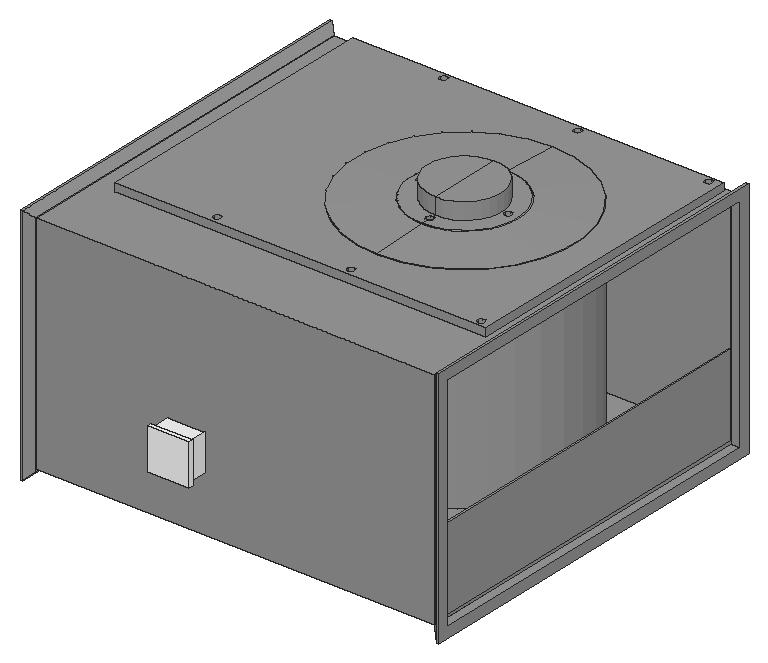
Revit family "RKB 800x500 E3 EC_7480107", category Mechanical Equipment, Revit 2014
Parameters (values of type "RKB 800X500 E3 EC")
  Wiring diagram = "4040147"
  Width = 913 mm
  Weight = 65.30 kg
  Voltage range = "380-480 V"
  Voltage = 400 V
  Speed = "1800 rpm"
  Sound pressure level at 3 m = "73 dB(A)"
  Power = 2570 W
  Phase = 3
  Max. temperature of transported air when speed controlled = 60 °C
  Max. temperature of transported air = 60 °C
  Main Material = Steel, Galvanized
  Height = 606 mm
  Frequency = 50 Hz
  Elevation [instance] = 2600 mm
  Description = "UNINSULATED DUCT FANS WITH RECTANGULAR CONNECTIONS"
  Depth = 843 mm
  Current = 3.92 A
  Connector Height = 500 mm
  Connector Width = 800 mm
  Capacitor = "- μF"
Reference planes
  plane 1 "Center (Front/Back)": y = 0
  plane 2: z = 0
  plane 3 "Center (Left/Right)": x = 0
  plane 4: x = -456.5
  plane 5: x = 456.5
  plane 6: y = 421.5
  plane 7: y = -421.5
  plane 8: z = 2600
  plane 9: z = 3206
Dimensions and locks
  equal spacing: plane 4, plane 3 "Center (Left/Right)", plane 5
  "Width": plane 4 to plane 5
  equal spacing: plane 6, plane 1 "Center (Front/Back)", plane 7
  "Depth": plane 6 to plane 7
  "Elevation": plane 8 to level
  "Height": plane 9 to plane 8
  aligned and locked: level to plane 2
  aligned and locked: nested 1 to plane 1 "Center (Front/Back)"
  aligned and locked: plane 1 "Center (Front/Back)" to nested 2
  aligned and locked: plane 3 "Center (Left/Right)" to nested 2
  aligned and locked: nested 2 to plane 8
  aligned and locked: plane 3 "Center (Left/Right)" to nested 1
Nested families
  nested 1: "Flow direction symbol" at (0, 0, 0), type "Flow direction symbol"
  nested 2: "RKB" at (0, 0, 2563.5), type "RKB"
Connectors
  electrical at (-107.218, -455.269, 2781.959), driven by "Phase", driven by "Voltage", driven by "Power"
    settings: on nested 2, index 3, voltage 400 V, apparent load 0 VA, apparent load phase1 2570 VA, apparent load phase2 0 VA, apparent load phase3 0 VA, power factor 1, load classification "HVAC", number of poles 3, system type 31, power factor state 1, is connector primary yes, connector utility no, sub classification motor no, connector description ""
  hvac at (-435.269, 0, 2866.5), driven by "Connector Height", driven by "Connector Width"
    settings: on nested 2, index 4, duct flow 0.0 L/s, flow factor 0, pres drop 0.0 Pa, loss coef 0, conn angle 0.00°, conn width 800 mm, conn height 500 mm, conn diameter 609.6 mm, duct sys type 1, conn prof type 1, flow config 0, flow direction 1, loss method 0, conn ref index -1, conn util no, is conn primary yes, conn desc ""
  hvac at (435.269, 0, 2866.5), driven by "Connector Height", driven by "Connector Width"
    settings: on nested 2, index 5, duct flow 0.0 L/s, flow factor 0, pres drop 0.0 Pa, loss coef 0, conn angle 0.00°, conn width 800 mm, conn height 500 mm, conn diameter 609.6 mm, duct sys type 3, conn prof type 1, flow config 0, flow direction 2, loss method 0, conn ref index -1, conn util no, is conn primary no, conn desc ""
Definition of nested family "RKB"
  Parameters (values of type "RKB")
    Width = 913 mm
    Main Material = Steel, Galvanized
    Height = 606 mm
    Description = ""
    Depth = 843 mm
    Connector Width = 800 mm
    Connector Heigth = 500 mm
  Reference planes
    plane 1 "Center (Front/Back)": y = 0
    plane 2: z = 0
    plane 3 "Center (Left/Right)": x = 0
    plane 4: x = -456.5
    plane 5: x = 456.5
    plane 6: y = 421.5
    plane 7: y = -421.5
    plane 8: z = 606
    plane 9: z = 119
    plane 10: z = 303
    plane 11: z = 53
    plane 12: y = 400
    plane 13: y = -400
    plane 14: y = 76.078
    plane 15: x = 114.664
    plane 16: z = 564
    plane 17: z = 36.5
  Forms (mm)
    Sweep 1, solid, material "Steel, Galvanized" <- "Main Material", detail levels medium+fine
      path origin (-456.5, 864.407, 1200) x (0, 1, 0) y (0, 0, 1)
        loop
          line (-442.907, -1163.5) -> (-442.907, -636) -> (-1285.907, -636) -> (-1285.907, -1163.5) -> (-442.907, -1163.5)
      profile origin (-456.5, 421.5, 300.25) x (0, -1, 0) y (1, 0, 0)
        loop
          line (22.203, 21.231) -> (16.231, 21.231) -> (0, 5) -> (0, 0) -> (22.203, 0) -> (22.203, 21.231)
    Revolve 2, solid, material "Steel, Galvanized" <- "Main Material", detail levels medium+fine
      sketch origin (114.664, -39.243, 1192.093) x (0, -1, 0) y (0, 0, 1)
        loop
          line (-115.321, -1095.342) -> (-115.321, -586.093) -> (-195.321, -586.093) -> (-195.321, -622.05) -> (-231.386, -622.05) -> (-232.326, -622.593) -> (-355.321, -628.093) -> (-355.321, -1095.342) -> (-115.321, -1095.342)
        axis (-115.321, -586.093) -> (-115.321, -1095.342)
      angle from 0 to 360
    Sweep 3, void
      path origin (58.455, 35, 1200) x (-1, 0, 0) y (0, 0, 1)
        loop
          line (-1.25, -691.203) -> (-1.25, -566.203)
      profile origin (59.705, 35, 571.297) x (1, 0, 0) y (0, 1, 0)
        loop
          circle (339.999, -270.022) r 8
        loop
          circle (54.959, -268.831) r 8
        loop
          circle (55.014, 136.078) r 8
        loop
          circle (-40.037, 40.151) r 8
        loop
          circle (-237.449, -268.831) r 8
        loop
          circle (149.959, 41.078) r 8
        loop
          circle (54.959, -53.922) r 8
        loop
          circle (339.999, 350.207) r 8
        loop
          circle (54.959, 349.016) r 8
        loop
          circle (-237.449, 349.016) r 8
    Sweep 4, solid, material "Steel, Galvanized" <- "Main Material", detail levels coarse
      path origin (0, 0, 0) x (1, 0, 0) y (0, 1, 0)
        loop
          line (-456.5, 0) -> (456.5, 0)
      profile origin (0, 0, 0) x (0, 1, 0) y (0, 0, 1)
        loop
          line (421.5, 606) -> (-421.5, 606) -> (-421.5, 36.5) -> (421.5, 36.5) -> (421.5, 606)
    Sweep 5, solid, material "Steel, Galvanized" <- "Main Material", detail levels medium+fine
      path origin (0, 0, 0) x (0, 1, 0) y (0, 0, 1)
        loop
          line (399.297, 64.203) -> (399.297, 244.203)
      profile origin (0, 399.297, 154.203) x (0, -1, 0) y (1, 0, 0)
        loop
          line (0, -435.269) -> (798.595, -435.269) -> (798.595, -432.269) -> (0, -432.269) -> (0, -435.269)
        loop
          line (0, 435.269) -> (0, 432.269) -> (798.595, 432.269) -> (798.595, 435.269) -> (0, 435.269)
    Sweep 6, solid, material "Plastic", detail levels medium+fine
      path origin (0, 0, 0) x (1, 0, 0) y (0, 1, 0)
        loop
          line (-107.218, -405.269) -> (-107.218, -445.269)
      profile origin (-107.218, -425.269, 0) x (1, 0, 0) y (0, 0, 1)
        loop
          line (-40, 178.459) -> (40, 178.459) -> (40, 258.459) -> (-40, 258.459) -> (-40, 178.459)
    Sweep 7, solid, material "Plastic", detail levels medium+fine
      path origin (0, 0, 0) x (1, 0, 0) y (0, 1, 0)
        loop
          line (-107.218, -445.269) -> (-107.218, -455.269)
      profile origin (-107.218, -450.269, 0) x (1, 0, 0) y (0, 0, 1)
        loop
          line (-45, 263.459) -> (-45, 173.459) -> (45, 173.459) -> (45, 263.459) -> (-45, 263.459)
    Extrusion 8, solid, material "Steel, Galvanized" <- "Main Material"
      sketch origin (0, 0, 140) x (0, 1, 0) y (0, 0, 1)
        loop
          line (399.297, 407.769) -> (399.297, 424) -> (-249.112, 424) -> (-249.112, 407.769) -> (399.297, 407.769)
      from -387.655 to 420
    Sweep 9, solid, material "Steel, Galvanized" <- "Main Material", detail levels medium+fine
      path origin (456.5, 864.407, 1200) x (0, 1, 0) y (0, 0, -1)
        loop
          line (-442.907, 1163.5) -> (-1285.907, 1163.5) -> (-1285.907, 636) -> (-442.907, 636) -> (-442.907, 1163.5)
      profile origin (456.5, 421.5, 300.25) x (0, 1, 0) y (-1, 0, 0)
        loop
          line (-22.203, 21.231) -> (-22.203, 0) -> (0, 0) -> (0, 5) -> (-16.231, 21.231) -> (-22.203, 21.231)
    Extrusion 10, solid, material "Steel, Galvanized" <- "Main Material"
      sketch origin (0, 0, 0) x (0, 1, 0) y (0, 0, 1)
        loop
          line (405.269, 547.769) -> (-405.269, 547.769) -> (-405.269, 58.231) -> (405.269, 58.231) -> (405.269, 547.769)
        loop
          line (399.297, 541.797) -> (-399.297, 541.797) -> (-399.297, 64.203) -> (399.297, 64.203) -> (399.297, 541.797)
      from -435.269 to 435.269
  Cuts and joins
    Sweep 3 cuts Extrusion 8
    Sweep 3 cuts Revolve 2
  Dimensions and locks
    equal spacing: plane 4, plane 3 "Center (Left/Right)", plane 5
    "Width": plane 4 to plane 5
    equal spacing: plane 6, plane 1 "Center (Front/Back)", plane 7
    "Depth": plane 6 to plane 7
    "Height": plane 8 to level
    Sweep 3 sketch curve to plane 8 to Sweep 3 sketch curve = 27.797 mm locked, 97.203 mm
    locked: plane 6 to Sweep 5 sketch curve at 22.203  (x2)
    locked: plane 4 to Sweep 5 sketch curve at 21.231
    locked: Sweep 5 sketch curve to Sweep 5 sketch curve at 3  (x2)
    locked: Sweep 5 sketch curve to plane 7 at 22.203  (x2)
    locked: Sweep 5 sketch curve to plane 6 at 22.203
    locked: Sweep 5 sketch curve to plane 5 at 21.231
    Sweep 6 sketch curve to plane 7 to Sweep 6 sketch curve = 16.231 mm, 23.769 mm
    plane 7 to Sweep 7 sketch curve to Sweep 7 sketch curve = 23.769 mm, 10 mm locked
    equal spacing: plane 8, plane 10, plane 2
    plane 10 to plane 11 = 250 mm
    "Connector Width": plane 12 to plane 13
    equal spacing: plane 12, plane 1 "Center (Front/Back)", plane 13
    plane 10 to plane 16 = 261 mm
    aligned and locked: level to plane 2
    aligned and locked: plane 1 "Center (Front/Back)" to Sweep 4 sketch curve
    aligned and locked: plane 17 to Sweep 1 sketch curve
    aligned and locked: Extrusion 10 to Sweep 1
    aligned and locked: Extrusion 10 to Sweep 5
    aligned and locked: cut or joined group of Sweep 3, Extrusion 8 to Extrusion 10
    aligned and locked: cut or joined group of Revolve 2, Sweep 3 to plane 8
    aligned and locked: Sweep 4 sketch curve to Sweep 9
    aligned and locked: Sweep 4 sketch curve to cut or joined group of Revolve 2, Sweep 3
    aligned and locked: plane 6 to Sweep 4
    aligned and locked: Sweep 4 to plane 7
    aligned and locked: Extrusion 10 to Sweep 9
  Automatic sketch dimensions
    Sweep 1 sketch curve to plane 7 = 0 mm
    Sweep 1 sketch curve to plane 6 = 0 mm
    plane 16 to Sweep 1 sketch curve = 0 mm
    Sweep 1 sketch curve to profile plane = 0 mm
    Sweep 1 sketch curve to plane 4 = 0 mm
    Sweep 1 sketch curve to profile plane = 16.231 mm
    Sweep 1 sketch curve to Sweep 1 sketch curve = 5.972 mm
    plane 4 to Sweep 1 sketch curve = 5 mm
    plane 4 to Sweep 1 sketch curve = 21.231 mm
    profile plane to Sweep 3 sketch curve = 237.449 mm  (x2)
    profile plane to Sweep 3 sketch curve = 40.037 mm
    Sweep 3 sketch curve to profile plane = 54.959 mm  (x3)
    Sweep 3 sketch curve to profile plane = 55.014 mm
    profile plane to Sweep 3 sketch curve = 41.078 mm
    Sweep 3 sketch curve to Sweep 3 sketch curve = 285.04 mm  (x2)
    profile plane to Sweep 3 sketch curve = 40.151 mm
    Sweep 3 sketch curve to profile plane = 53.922 mm
    Sweep 3 sketch curve to profile plane = 268.831 mm
    Sweep 3 sketch curve to Sweep 3 sketch curve = 214.909 mm
    Sweep 3 sketch curve to profile plane = 270.022 mm
    Sweep 3 sketch curve to Sweep 3 sketch curve = 212.938 mm
    Sweep 3 sketch curve to Sweep 3 sketch curve = 0 mm
    Sweep 3 sketch curve to Sweep 3 sketch curve = 1.192 mm
    Sweep 4 sketch curve to plane 4 = 0 mm
    Sweep 4 sketch curve to plane 5 = 0 mm
    profile plane to Sweep 4 sketch curve = 421.5 mm
    Sweep 4 sketch curve to profile plane = 421.5 mm
    Sweep 6 sketch curve to plane 3 "Center (Left/Right)" = 107.218 mm
    profile plane to Sweep 6 sketch curve = 40 mm
    Sweep 6 sketch curve to profile plane = 40 mm
    profile plane to Sweep 6 sketch curve = 178.459 mm
    Sweep 6 sketch curve to Sweep 6 sketch curve = 80 mm
    Sweep 7 sketch curve to plane 3 "Center (Left/Right)" = 107.218 mm
    profile plane to Sweep 7 sketch curve = 45 mm
    Sweep 7 sketch curve to profile plane = 45 mm
    level to Sweep 7 sketch curve = 173.459 mm
    Sweep 7 sketch curve to Sweep 7 sketch curve = 90 mm
    Extrusion 8 sketch curve to plane 8 = 58.231 mm
    plane 13 to Extrusion 8 sketch curve = 150.888 mm
    Extrusion 8 sketch curve to plane 12 = 0.703 mm
    Extrusion 8 sketch curve to Extrusion 8 sketch curve = 16.231 mm
    Sweep 9 sketch curve to plane 7 = 0 mm
    Sweep 9 sketch curve to plane 6 = 0 mm
    plane 16 to Sweep 9 sketch curve = 0 mm
    Sweep 9 sketch curve to plane 17 = 0 mm
    Sweep 9 sketch curve to profile plane = 0 mm
    profile plane to Sweep 9 sketch curve = 0 mm
    profile plane to Sweep 9 sketch curve = 16.231 mm
    Sweep 9 sketch curve to Sweep 9 sketch curve = 5.972 mm
    profile plane to Sweep 9 sketch curve = 5 mm
    profile plane to Sweep 9 sketch curve = 21.231 mm
    Extrusion 10 sketch curve to plane 13 = 5.269 mm
    plane 13 to Extrusion 10 sketch curve = 0.703 mm
    Extrusion 10 sketch curve to plane 12 = 0.703 mm
    plane 12 to Extrusion 10 sketch curve = 5.269 mm
    plane 11 to Extrusion 10 sketch curve = 5.231 mm
    Extrusion 10 sketch curve to Extrusion 10 sketch curve = 5.972 mm  (x2)
    plane 16 to Extrusion 10 sketch curve = 16.231 mm
    plane 15 to Sweep 3 sketch curve = 54.959 mm
    Sweep 3 sketch curve to Sweep 3 sketch curve = 94.945 mm
    Sweep 3 sketch curve to Sweep 3 sketch curve = 95 mm
    plane 11 to Sweep 5 sketch curve = 11.203 mm
    Sweep 5 sketch curve to plane 10 = 58.797 mm
    plane 16 to Revolve 2 sketch curve = 0 mm
    Revolve 2 sketch curve to plane 8 = 0 mm
    Revolve 2 sketch curve to plane 14 = 0 mm  (x2)
    plane 14 to Revolve 2 sketch curve = 80 mm
    Revolve 2 sketch curve to plane 16 = 5.5 mm
    Revolve 2 sketch curve to Revolve 2 sketch curve = 37.005 mm
    Revolve 2 sketch curve to plane 9 = 22.249 mm
    Revolve 2 sketch curve to plane 12 = 83.922 mm
    Revolve 2 sketch curve to plane 16 = 6.043 mm
    Revolve 2 sketch curve to Revolve 2 sketch curve = 0.94 mm
    plane 17 to Revolve 2 sketch curve = 0.796 mm
    Revolve 2 sketch curve to Revolve 2 sketch curve = 18.846 mm
    radius of Sweep 3 sketch curve = 8 mm  (x10)
Definition of nested family "Flow direction symbol"
  Parameters (values of type "Flow direction symbol")
    Warning = "!"
    Text = "DIMENSIONS OVERCONSTRAINT"
  Reference planes
    plane 1: y = 0
    plane 2: x = 0
  Lines and regions (mm)
    detail lines
      curve 1: line (-0.506, 0.877, 0) -> (-0.506, -0.877, 0)
      curve 2: line (1.012, 0, 0) -> (-0.506, -0.877, 0)
      curve 3: line (-0.506, 0.877, 0) -> (1.012, 0, 0)
      curve 4: circle (0, 0, 0) r 1 normal (0, 0, 1)
